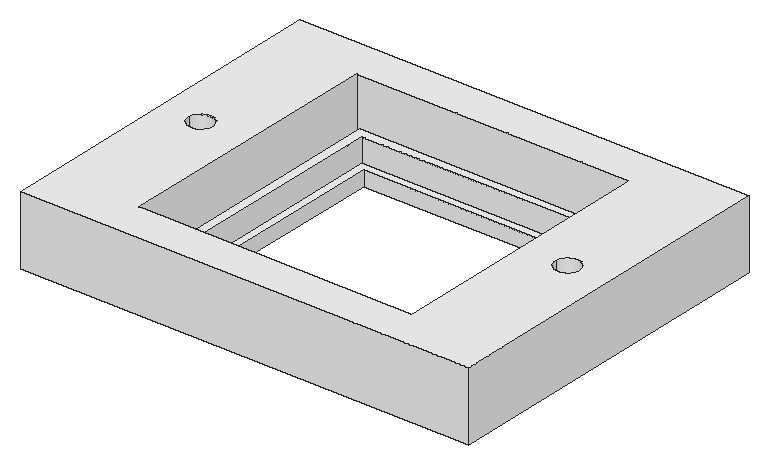
Revit family "Gira_021166", category Electrical Fixtures, host Face, Revit 2017
Family settings
  Host = Face
  Maintain Annotation Orientation = No
  Round Connector Dimension = Use Diameter
  Part Type = Normal
  Cut with Voids When Loaded = No
  Shared = No
  Room Calculation Point = No
Parameters (values of type "Abdeckrahmen 1f Gira TX_44 (WG UP) Reinweiß")
  Werkstoffgüte = "Thermoplast"
  Werkstoff = "Kunststoff"
  URL = "http://katalog.gira.de/de_DE/datenblatt.html?artikelnr=021166"
  Transparent = "No"
  Textfeld/Beschriftungsfläche = "No"
  Schutzart (IP) = "IP44"
  Region = "DE"
  RAL-Nummer (ähnlich) = "9010 "
  Oberfläche = "sonstige"
  Name = "Abdeckrahmen 1f Gira TX_44 (WG UP) Reinweiß"
  Montagerichtung = "horizontal und vertikal"
  Mit Montagerahmen = "No"
  Mit Klappdeckel = "No"
  Manufacturer URL = "https://www.gira.de/"
  Keynote = "TX44_Rahmen_1fach"
  HeinzeBIM = "https://bimportal.heinze.de/bim/abdeckrahmen-1f-gira-tx-44-wg-up-reinweiss/21b396e21946108cce0db6c091ba9a843b083bf0"
  Halogenfrei = "Yes"
  HAN = "021166"
  Geeignet für Unterputz-Installation = "Yes"
  Geeignet für Unterflurkanaldose = "No"
  Geeignet für Geräteeinbaukanal = "No"
  Geeignet für Einbauinstallation = "No"
  GTIN = "4010337211662"
  Farbe = "weiß"
  Default Elevation = 1219.2 mm
  Data sheet (1) = "https://katalog.gira.de/de_DE/download.html?artikelnr=021166"
  Category = "Abdeckrahmen"
  Befestigungsart = "Klemmbefestigung"
  Available = "Yes"
  Anzahl der Einheiten vertikal = "1 "
  Anzahl der Einheiten horizontal = "1 "
  Anzahl der Einheiten = "1 "
Reference planes
  plane 1 "Center (Front/Back)": y = 0
  plane 2: z = 0
  plane 3 "Center (Left/Right)": x = 0
Forms (mm)
  Extrusion 1, solid, material "White", detail levels fine
    sketch origin (0, 0, 0) x (1, 0, 0) y (0, 1, 0)
      loop
        line (-54.959, 42.909) -> (-54.959, -42.909) -> (54.959, -42.909) -> (54.959, 42.909) -> (-54.959, 42.909)
      loop
        line (-33.5, -33.5) -> (33.5, -33.5) -> (33.5, 33.5) -> (-33.5, 33.5) -> (-33.5, -33.5)
      loop
        circle (-45, -0.006) r 3
      loop
        circle (44.992, 0.001) r 3
    from 0 to 16.9
  Extrusion 2, solid, material "White", detail levels fine
    sketch origin (0, 0, 0) x (1, 0, 0) y (0, 1, 0)
      loop
        line (-25.5, 25.5) -> (-25.5, -25.5) -> (25.5, -25.5) -> (25.5, 25.5) -> (-25.5, 25.5)
      loop
        line (-33.5, 33.5) -> (-33.5, -33.5) -> (33.5, -33.5) -> (33.5, 33.5) -> (-33.5, 33.5)
    from -1.6 to 2
  Extrusion 3, solid, material "White", detail levels fine
    sketch origin (0, 0, 0) x (1, 0, 0) y (0, 1, 0)
      loop
        line (-27.5, 27.5) -> (-27.5, -27.5) -> (27.5, -27.5) -> (27.5, 27.5) -> (-27.5, 27.5)
      loop
        line (-29.5, 29.5) -> (-29.5, -29.5) -> (29.5, -29.5) -> (29.5, 29.5) -> (-29.5, 29.5)
    from 2 to 7.8
  Extrusion 4, solid, material "White", detail levels coarse+medium
    sketch origin (0, 0, 0) x (1, 0, 0) y (0, 1, 0)
      loop
        line (-54.959, 42.909) -> (-54.959, -42.909) -> (54.959, -42.909) -> (54.959, 42.909) -> (-54.959, 42.909)
    from -1.6 to 16.9
Dimensions and locks
  aligned and locked: plane 2 to host face
  aligned and locked: level to host face
